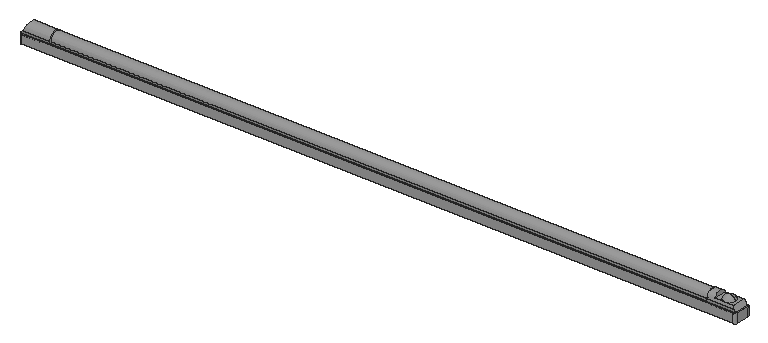
Revit family "0045167 Sylvania Lighting Fixture LED IP20 Batten PIR L1500 Single 4000", category Lighting Fixtures, host Face, Revit 2016
Family settings
  Host = Face
  Part Type = Normal
  Round Connector Dimension = Use Diameter
  OmniClass Number = 23.80.70.00
  OmniClass Title = Lighting
  Cut with Voids When Loaded = No
  Light Source = Yes
  Shared = No
  Room Calculation Point = No
Parameters (values of type "0045167 LED IP20 BATTEN PIR L1500 SINGLE 4000")
  Width_SYL = 36.8 mm
  Weight = "12.2 kg"
  Wattage Comments = ""
  Wattage = 18 W
  WarrantyStartDate [instance] = "n/a"
  WarrantyGuarantorParts = "n/a"
  WarrantyDurationUnit = "n/a"
  WarrantyDurationParts = "n/a"
  WarrantyDescription = "n/a"
  built-in parameter 1150110 = 1 (stored number, unit not read)
  Voltage = 0 V
  URL = "http://www.sylvania-lighting.com"
  TypeName = "LED IP20 Batten PIR L1500 Single 4000"
  Type Image = <None>
  Type Comments = "n/a"
  built-in parameter 1114217 = 1 (stored number, unit not read)
  Tilt Angle = -90.00°
  built-in parameter 1150109 = 1 (stored number, unit not read)
  built-in parameter 1150134 = 12
  built-in parameter 1150113 = 1 (stored number, unit not read)
  SerialNumber [instance] = "n/a"
  RadiusTube_SYL = 14 mm
  RadiusTubeSleeve_SYL = 15 mm
  RadiusRadius_SYL = 5 mm
  Photometric Web File = "0045167.ies"
  Material_3_FEILO = PIR-Sylvania-IP20LEDBatten
  PowerFactor = 0.5
  PowerConsumption = "18 W"
  NominalLength = 1500 mm
  NominalHeight = 48.6 mm
  NominalDepth = 42.5 mm
  Name = "LED IP20 Batten PIR L1500 Single 4000"
  ModelReference = Name  # "LED IP20 Batten PIR L1500 Single 4000"
  ModelNumber = "0045167"
  Model = Name  # "LED IP20 Batten PIR L1500 Single 4000"
  Material = "steel housing, nano pc diffuser"
  ManufacturerName = "Feilo Sylvania"
  Manufacturer = "Feilo Sylvania"
  LuminousEfficacy = "122 lm/W"
  built-in parameter 1150105 = 503.16 (stored number, unit not read)
  Lumens = 2200.86 lm
  LuminaireType = ""
  built-in parameter 1150115 = 1 (stored number, unit not read)
  LightOutputRatio = "n/a"
  built-in parameter 1150137 = (empty or 0)
  built-in parameter 1150139 = (empty or 0)
  Length_SYL = 1500 mm
  LampsType = Lamp  # "LED"
  LampNominalLuminous = "2200 lm"
  LampMacAdamStep = "n/a"
  LampColourTemperature = "4000 K"
  LampColourRenderingIndex = "80"
  built-in parameter 1150112 = 1 (stored number, unit not read)
  built-in parameter 1150114 = 1 (stored number, unit not read)
  Lamp = "LED"
  Keynote = "16500"
  InstallationDate [instance] = "n/a"
  InputVoltage = "n/a"
  InputNominalFrequency = "n/a"
  built-in parameter 1150132 = (empty or 0)
  built-in parameter 1150102 = (empty or 0)
  built-in parameter 1150107 = 4000 (stored number, unit not read)
  built-in parameter 1150138 = (empty or 0)
  IngressProtection = "IP20"
  ImpactProtectionIndex = "n/a"
  built-in parameter 1150106 = 5.0316 (stored number, unit not read)
  IfcExportType = "IfcLightFixtureType"
  IfcExportAs = "IfcLightFixtureType"
  Height_SYL = 46 mm
  ExpectedLife = 50000
  Emit from Rectangle Width = Length_SYL - 124 mm  # 1376 mm
  Emit from Rectangle Length = 28 mm  # constant formula
  Emit Shape Visible in Rendering = no
  ElectricShockClassification = "Class I"
  built-in parameter 1150104 = 11.359 (stored number, unit not read)
  DurationUnit = "hours"
  DocumentationLiterature = "http://www.sylvania-lighting.com/product/en-int/products/0045167"
  DimmingControlOptions = "n/a"
  Material_2_FEILO = Tube-Sylvania-IP20LEDBatten
  Dimming Lamp Color Temperature Shift = <None>
  Description = "1500mm LED Battens to replace traditional T8 batten, ease of installation, 18W, 2200 lum, 4000K, 25000h lifethtime with intergral PIR sensor"
  Default Elevation = 1219.2 mm
  CreatedOn = "9/10/2018"
  CreatedBy = "@sylvania-lighting.com"
  Cost = 0
  Color Filter = 16777215
  built-in parameter 1114216 [instance] = (empty or 0)
  ClassificationValue = "EF_70_80"
  ClassificationName = "Uniclass2015"
  Material_1_FEILO = Body-Sylvania-IP20LEDBatten
  BarCode [instance] = "n/a"
  built-in parameter 1114218 = 1 (stored number, unit not read)
  built-in parameter 1150133 = 10 (stored number, unit not read)
  AssetType = "Fixed"
  AssetIdentifier [instance] = "n/a"
  Assembly Code = "D5020200"
  Apparent Load = 18 VA
  Material_4_FEILO = none
Reference planes
  plane 1 "Center (Front/Back)": y = 0
  plane 2: z = 0
  plane 3 "Center (Left/Right)": x = 0
  plane 4: x = 750
  plane 5: x = -750
  plane 6: y = 18.4
  plane 7: y = -18.4
  plane 8: z = 39
  plane 9: z = 19
  plane 10: z = -7
  plane 11: z = 23.5
  plane 12: x = -748
  plane 13: x = 748
  plane 14: x = -688
  plane 15: x = 688
  plane 16: y = -22.5
  plane 17: y = 22.5
  plane 18: z = 38.5
  plane 19: z = 8.5
  plane 20: z = 30
  plane 21: x = 703
  plane 22: x = 723
  plane 23: x = 735
  plane 24: x = 711
Forms (mm)
  Extrusion 1, solid, material "Body-Sylvania-IP20LEDBatten" <- "Material_1_FEILO"
    sketch origin (0, 0, 0) x (1, 0, 0) y (0, 1, 0)
      loop
        arc (-745, 18.4) -> (-748.536, 16.936) -> (-750, 13.4) r 5
        line (-750, 13.4) -> (-750, -13.4)
        arc (-750, -13.4) -> (-748.536, -16.936) -> (-745, -18.4) r 5
        line (-745, -18.4) -> (745, -18.4)
        arc (745, -18.4) -> (748.536, -16.936) -> (750, -13.4) r 5
        line (750, -13.4) -> (750, 13.4)
        arc (750, 13.4) -> (748.536, 16.936) -> (745, 18.4) r 5
        line (745, 18.4) -> (-745, 18.4)
    from 0 to 19
  Extrusion 2, solid, material "Body-Sylvania-IP20LEDBatten" <- "Material_1_FEILO"
    sketch origin (688, 1524, 1219.2) x (0, 1, 0) y (0, 0, 1)
      loop
        circle (-1524, -1195.7) r 15
    from 0 to 60
  Extrusion 3, solid, material "Body-Sylvania-IP20LEDBatten" <- "Material_1_FEILO"
    sketch origin (-748, 1524, 1219.2) x (0, 1, 0) y (0, 0, 1)
      loop
        circle (-1524, -1195.7) r 15
    from 0 to 60
  Extrusion 4, solid, material "Tube-Sylvania-IP20LEDBatten" <- "Material_2_FEILO"
    sketch origin (0, 0, 0) x (0, 1, 0) y (0, 0, 1)
      loop
        circle (0, 23.5) r 14
    from -688 to 688
  Extrusion 5, void
    sketch origin (0, 0, 0) x (1, 0, 0) y (0, 0, 1)
      loop
        line (750, 19) -> (750, 39) -> (736.453, 39) -> (748, 19) -> (750, 19)
      loop
        line (-736.453, 39) -> (-750, 39) -> (-750, 19) -> (-748, 19) -> (-736.453, 39)
    from -45 to 45
  Extrusion 6, void
    sketch origin (748, 1524, 1219.2) x (0, 1, 0) y (0, 0, 1)
      loop
        line (-1542.4, -1189.2) -> (-1505.6, -1189.2) -> (-1505.6, -1180.2) -> (-1542.4, -1180.2) -> (-1542.4, -1189.2)
    from 0 to -45
  Revolve 7, solid, material "PIR-Sylvania-IP20LEDBatten" <- "Material_3_FEILO"
    sketch origin (0, 0, 0) x (1, 0, 0) y (0, 0, 1)
      loop
        line (711, 30) -> (723, 30) -> (723, 38.5)
        arc (723, 38.5) -> (715.647, 36.16) -> (711, 30) r 12.721
      axis (723, 38.5) -> (723, 30)
    angle from 360 to 0
Cuts and joins
  Extrusion 5 cuts Extrusion 1
  Extrusion 5, Extrusion 6 cuts Extrusion 2
  Extrusion 5 cuts Extrusion 3
Lines and regions (mm)
  reference lines
    curve 1: circle (0, 0, 23.5) r 15 normal (1, 0, 0)
    curve 2: circle (0, 0, 23.5) r 14 normal (1, 0, 0)
    curve 3: line (748, 0, 19) -> (736.453, 0, 39)
    curve 4: line (-748, 0, 19) -> (-736.453, 0, 39)
Dimensions and locks
  equal spacing: plane 5, plane 3 "Center (Left/Right)", plane 4
  "Length_SYL": plane 5 to plane 4
  equal spacing: plane 7, plane 1 "Center (Front/Back)", plane 6
  "Width_SYL": plane 7 to plane 6
  locked: plane 9 to plane 2 at 19
  locked: plane 2 to plane 10 at 7
  "Height_SYL": plane 10 to plane 8
  locked: plane 9 to plane 11 at 4.5
  equal spacing: plane 12, plane 3 "Center (Left/Right)", plane 13
  locked: plane 5 to plane 12 at 2
  equal spacing: plane 14, plane 3 "Center (Left/Right)", plane 15
  locked: plane 12 to plane 14 at 60
  equal spacing: plane 16, plane 1 "Center (Front/Back)", plane 17
  locked: plane 16 to plane 17 at 45
  equal spacing: plane 19, plane 11, plane 18
  "RadiusTubeSleeve_SYL": plane 11 to plane 18
  locked: plane 20 to plane 18 at 8.5
  locked: plane 21 to plane 15 at 15
  locked: plane 22 to plane 15 at 35
  plane 23 to plane 22 to plane 24 = 12 mm locked, 12 mm locked
  locked: plane 20 to Revolve 7 sketch curve at 4.221
  "RadiusTubeSleeve_SYL": radius of curve 1
  "RadiusTube_SYL": radius of curve 2
  "RadiusRadius_SYL": radius of Extrusion 1 sketch curve  (x4)
  locked: plane 9 to curve 3 (angle 120.00°)
  locked: curve 4 to plane 9 (angle 120.00°)
  aligned and locked: plane 2 to host face
  aligned and locked: level to host face
  aligned and locked: plane 1 "Center (Front/Back)" to curve 1
  aligned and locked: plane 11 to curve 1
  aligned and locked: plane 6 to Extrusion 1 sketch curve
  aligned and locked: plane 5 to Extrusion 1 sketch curve
  aligned and locked: Extrusion 1 sketch curve to plane 7
  aligned and locked: Extrusion 1 sketch curve to plane 4
  aligned and locked: Extrusion 1 to level
  aligned and locked: Extrusion 1 to plane 9
  aligned and locked: Extrusion 2 sketch curve to curve 1
  aligned and locked: plane 13 to Extrusion 2
  aligned and locked: Extrusion 2 to plane 15
  aligned and locked: Extrusion 3 sketch curve to curve 1
  aligned and locked: plane 14 to Extrusion 3
  aligned and locked: Extrusion 3 to plane 12
  aligned and locked: Extrusion 4 sketch curve to curve 2
  aligned and locked: Extrusion 4 to plane 14
  aligned and locked: plane 15 to Extrusion 4
  aligned and locked: plane 9 to curve 4
  aligned and locked: plane 8 to curve 4
  aligned and locked: Extrusion 1 to Extrusion 5 sketch curve
  aligned and locked: curve 3 to Extrusion 5 sketch curve
  aligned and locked: Extrusion 5 sketch curve to plane 8  (x2)
  aligned and locked: Extrusion 5 sketch curve to curve 3
  aligned and locked: plane 9 to Extrusion 5 sketch curve
  aligned and locked: curve 4 to Extrusion 5 sketch curve
  aligned and locked: Extrusion 5 sketch curve to plane 5
  aligned and locked: Extrusion 5 sketch curve to curve 4
  aligned and locked: imposter light to plane 18
  aligned and locked: plane 20 to Extrusion 6 sketch curve
  aligned and locked: plane 7 to Extrusion 6 sketch curve
  aligned and locked: Extrusion 6 sketch curve to plane 8
  aligned and locked: Extrusion 6 sketch curve to plane 6
  aligned and locked: plane 13 to Extrusion 6
  aligned and locked: Extrusion 6 to plane 21
  aligned and locked: Revolve 7 sketch curve to plane 22
  aligned and locked: plane 20 to Revolve 7 sketch curve
  aligned and locked: plane 22 to Revolve 7 sketch curve  (x2)
  aligned and locked: imposter light to plane 1 "Center (Front/Back)"
  aligned and locked: imposter light to plane 3 "Center (Left/Right)"
Automatic sketch dimensions
  host sketch curve to host sketch curve = 2438.4 mm  (x2)
  curve 4 to plane 12 = 0 mm
  curve 3 to plane 8 = 0 mm
  curve 3 to plane 13 = 0 mm
  curve 1 to curve 2 = 0 mm  (x2)
  Extrusion 5 sketch curve to plane 9 = 0 mm
  Revolve 7 sketch curve to plane 24 = 0 mm
  plane 10 to Revolve 7 sketch curve = 297.8 mm
  Revolve 7 sketch curve to plane 8 = 2399.4 mm
Connectors
  electrical at (0, 0, 0), driven by "Apparent Load", driven by "PowerFactor", driven by "Voltage"
    settings: index 1, voltage 0 V, apparent load 18 VA, apparent load phase1 0 VA, apparent load phase2 0 VA, apparent load phase3 0 VA, power factor 0.5, load classification "Lighting", number of poles 1, system type 30, power factor state 1, is connector primary yes, connector utility no, sub classification motor no, connector description ""
